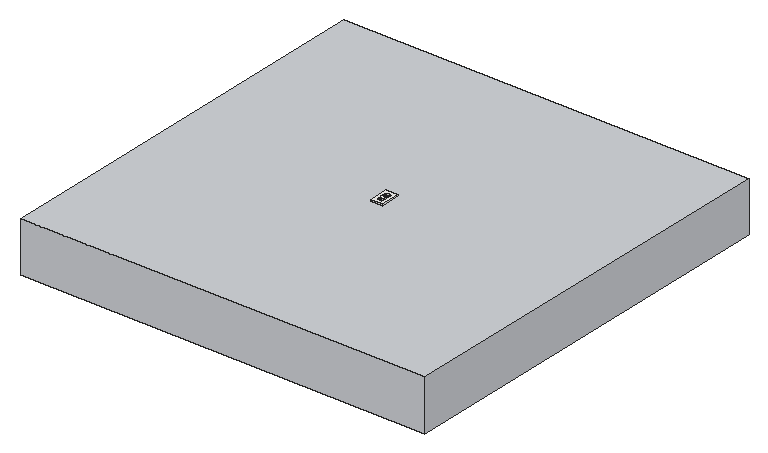
Revit family
Parameters (values of type "Standard")
  Wallstation Material = Plastic - Lutron - White
  Version = 1
  URL = "http://www.lutron.com"
  Series = "seeTouch"
  Product URL = "http://www.lutron.com/PRODUCTS/COMPONENTS/SEETOUCHWALLSTATION/Pages/Overview.aspx"
  Overall Width = 0' - 2 3/4"
  Overall Height = 0' - 4 9/16"
  Overall Depth = 0' - 1 3/8"
  Model = "SQA-5RN-WH-E01"
  Manufacturer Complete Model Number [instance] = ""
  Manufacturer = "Lutron Electronics"  # constant formula
  Label = "SC"
  Description = "Low Voltage 5 Button Wallstation with Raise/Lower"
  Default Elevation = 4' - 0"
  Copyright = "© 2010 Lutron Electronics Co., Inc."  # constant formula
  CADworks URL = "http://www.CADworks.net"
  Assembly Code = "D5020120"
Reference planes (in)
  plane 1 "Center (Front/Back)": y = 0
  plane 2: z = 0
  plane 3 "Center (Left/Right)": x = 0
  plane 4: x = -1.375
  plane 5: x = 1.375
  plane 6: y = 2.28125
  plane 7: y = -2.28125
  plane 8: z = 0.3125
  plane 9: z = -1.0625
  plane 10: z = -0.75
  plane 11: z = 0.4925
  plane 12: z = 0.4025
  plane 13: z = 0.5825
Forms (in)
  Extrusion 1, solid
    sketch origin (0, 0, 0) x (1, 0, 0) y (0, 1, 0)
      loop
        line (-48, 48) -> (-48, -48) -> (48, -48) -> (48, 48) -> (-48, 48)
    from 0 to -12
  Extrusion 2, solid, material "Plastic - Lutron - White" <- "Wallstation Material"
    sketch origin (0, 0, 0) x (1, 0, 0) y (0, 1, 0)
      loop
        line (-1.375, 2.28125) -> (-1.375, -2.28125) -> (1.375, -2.28125) -> (1.375, 2.28125) -> (-1.375, 2.28125)
    from 0 to 0.3125
  Extrusion 3, solid, material "Plastic - Lutron - White" <- "Wallstation Material", detail levels fine
    sketch origin (0, 0, 0) x (1, 0, 0) y (0, 1, 0)
      loop
        arc (-0.68031, 1.37) -> (-0.80737, 1.31737) -> (-0.86, 1.19031) r 0.17969
        line (-0.86, 1.19031) -> (-0.86, -1.19031)
        arc (-0.86, -1.19031) -> (-0.80737, -1.31737) -> (-0.68031, -1.37) r 0.17969
        line (-0.68031, -1.37) -> (0.68031, -1.37)
        arc (0.68031, -1.37) -> (0.80737, -1.31737) -> (0.86, -1.19031) r 0.17969
        line (0.86, -1.19031) -> (0.86, 1.19031)
        arc (0.86, 1.19031) -> (0.80737, 1.31737) -> (0.68031, 1.37) r 0.17969
        line (0.68031, 1.37) -> (-0.68031, 1.37)
    from -0.75 to 0
  Extrusion 4, solid, material "Plastic - Lutron - White" <- "Wallstation Material", detail levels fine
    sketch origin (0, 0, 0) x (1, 0, 0) y (0, 1, 0)
      loop
        line (0.1, 1.2) -> (0.1, 0.41) -> (0.71, 0.41) -> (0.71, 1.2) -> (0.1, 1.2)
      loop
        line (-0.02, -0.47) -> (-0.02, -1.06) -> (0.61, -1.06) -> (0.61, -0.47) -> (-0.02, -0.47)
    from -1.0625 to -0.75
  Extrusion 5, void
    sketch origin (0, 0, 0) x (1, 0, 0) y (0, 1, 0)
      loop
        line (-0.465, 1.19953) -> (-0.465, -0.51969) -> (0.465, -0.51969) -> (0.465, 1.19953) -> (-0.465, 1.19953)
      loop
        line (-0.465, -0.84047) -> (-0.465, -1.19969) -> (0.465, -1.19969) -> (0.465, -0.84047) -> (-0.465, -0.84047)
    from 0.25 to 0.3125
  Extrusion 6, void
    sketch origin (0, 0, 0) x (0, 1, 0) y (0, 0, 1)
      loop
        arc (-0.16984, 0.42038) -> (0, 0.4925) -> (0.16984, 0.42038) r 0.23605
        arc (0.16984, 0.42038) -> (0.33969, 0.4925) -> (0.50953, 0.42038) r 0.23605
        arc (0.50953, 0.42038) -> (0.67937, 0.4925) -> (0.84922, 0.42038) r 0.23605
        arc (0.84922, 0.42038) -> (1.01906, 0.4925) -> (1.18891, 0.42038) r 0.23605
        line (1.18891, 0.42038) -> (1.30406, 0.42038) -> (1.30406, 0.6175) -> (-1.30406, 0.6175) -> (-1.30406, 0.42038) -> (-1.18891, 0.42038)
        arc (-1.18891, 0.42038) -> (-1.01906, 0.4925) -> (-0.84922, 0.42038) r 0.23605
        arc (-0.84922, 0.42038) -> (-0.67938, 0.4925) -> (-0.50953, 0.42038) r 0.23605
        arc (-0.50953, 0.42038) -> (-0.33969, 0.4925) -> (-0.16984, 0.42038) r 0.23605
    from -1.375 to 1.375
  Extrusion 7, void
    sketch origin (0, 0, 0) x (1, 0, 0) y (0, 1, 0)
      loop
        circle (-0.34, 0) r 0.03125
      loop
        circle (-0.34, 0.34) r 0.03125
      loop
        circle (-0.34, 0.68) r 0.03125
      loop
        circle (-0.34, 1.02) r 0.03125
      loop
        circle (-0.34, -0.34) r 0.03125
    from 0.4025 to 0.5825
  Extrusion 8, solid, material "Plastic - Lutron - White" <- "Wallstation Material", detail levels medium+fine
    sketch origin (0, 0.34, 0) x (1, 0, 0) y (0, 1, 0)
      loop
        line (-0.44, -1.52) -> (-0.0125, -1.52) -> (-0.0125, -1.2) -> (-0.44, -1.2) -> (-0.44, -1.52)
      loop
        line (0.44, -1.2) -> (0.0125, -1.2) -> (0.0125, -1.52) -> (0.44, -1.52) -> (0.44, -1.2)
      loop
        line (-0.44, 0.84) -> (-0.44, 0.52) -> (0.44, 0.52) -> (0.44, 0.84) -> (-0.44, 0.84)
      loop
        line (0.44, 0.5) -> (-0.44, 0.5) -> (-0.44, 0.18) -> (0.44, 0.18) -> (0.44, 0.5)
      loop
        line (0.44, 0.16) -> (-0.44, 0.16) -> (-0.44, -0.16) -> (0.44, -0.16) -> (0.44, 0.16)
      loop
        line (-0.44, -0.18) -> (-0.44, -0.5) -> (0.44, -0.5) -> (0.44, -0.18) -> (-0.44, -0.18)
      loop
        line (0.44, -0.52) -> (-0.44, -0.52) -> (-0.44, -0.84) -> (0.44, -0.84) -> (0.44, -0.52)
    from 0.25 to 0.4925
Cuts and joins
  Extrusion 5 cuts Extrusion 2
  Extrusion 5 cuts Extrusion 3
  Extrusion 6, Extrusion 7 cuts Extrusion 8
Lines and regions (in)
  symbolic lines, detail levels fine
    curve 1: line (-1.375, 0, 0.3125) -> (1.375, 0, 0.3125)
    curve 2: line (-1.375, 0, 0) -> (-1.375, 0, 0.3125)
    curve 3: line (1.375, 0, 0.3125) -> (1.375, 0, 0)
    curve 4: line (-0.44, 0, 0.4925) -> (0.44, 0, 0.4925)
    curve 5: line (-0.44, 0, 0.3125) -> (-0.44, 0, 0.4925)
    curve 6: line (0.44, 0, 0.4925) -> (0.44, 0, 0.3125)
    curve 7: line (-1.375, 0, 0) -> (1.375, 0, 0)
Dimensions and locks (in)
  equal spacing: plane 4, plane 3 "Center (Left/Right)", plane 5
  "Overall Width": plane 4 to plane 5
  equal spacing: plane 7, plane 1 "Center (Front/Back)", plane 6
  "Overall Height": plane 6 to plane 7
  locked: plane 8 to plane 2 at 0.3125
  "Overall Depth": plane 8 to plane 9
  locked: plane 2 to plane 10 at 0.75
  locked: Extrusion 3 sketch curve to Extrusion 3 sketch curve at 1.72
  equal spacing: Extrusion 3 sketch curve, plane 3 "Center (Left/Right)", Extrusion 3 sketch curve
  locked: Extrusion 3 sketch curve to Extrusion 3 sketch curve at 2.74
  equal spacing: Extrusion 3 sketch curve, plane 1 "Center (Front/Back)", Extrusion 3 sketch curve
  locked: plane 1 "Center (Front/Back)" to Extrusion 4 sketch curve at 0.41
  locked: Extrusion 4 sketch curve to Extrusion 4 sketch curve at 0.79
  locked: Extrusion 4 sketch curve to plane 1 "Center (Front/Back)" at 0.47
  locked: Extrusion 4 sketch curve to Extrusion 4 sketch curve at 0.59
  locked: plane 3 "Center (Left/Right)" to Extrusion 4 sketch curve at 0.61
  locked: Extrusion 4 sketch curve to Extrusion 4 sketch curve at 0.63
  locked: plane 3 "Center (Left/Right)" to Extrusion 4 sketch curve at 0.71
  locked: Extrusion 4 sketch curve to Extrusion 4 sketch curve at 0.61
  locked: Extrusion 5 sketch curve to Extrusion 5 sketch curve at 0.93
  equal spacing: Extrusion 5 sketch curve, plane 3 "Center (Left/Right)", Extrusion 5 sketch curve, locked at 0.465 each
  locked: cut or joined group of Extrusion 2, Extrusion 5 to plane 9 at 1.3125
  locked: plane 11 to plane 8 at 0.18
  locked: plane 1 "Center (Front/Back)" to Extrusion 6 sketch curve at 0
  locked: Extrusion 6 sketch curve to plane 9 at 1.68
  locked: Extrusion 6 sketch curve to Extrusion 6 sketch curve at 2.60812
  equal spacing: Extrusion 6 sketch curve, plane 1 "Center (Front/Back)", Extrusion 6 sketch curve
  locked: Extrusion 6 sketch curve to plane 9 at 1.48288
  equal spacing: Extrusion 6 sketch curve, Extrusion 6 sketch curve, Extrusion 6 sketch curve, Extrusion 6 sketch curve, Extrusion 6 sketch curve, Extrusion 6 sketch curve, Extrusion 6 sketch curve, Extrusion 6 sketch curve
  plane 11 to Extrusion 6 sketch curve to Extrusion 6 sketch curve to Extrusion 6 sketch curve to Extrusion 6 sketch curve to Extrusion 6 sketch curve to Extrusion 6 sketch curve to Extrusion 6 sketch curve = 0' - 0" locked, 0' - 0" locked, 0' - 0" locked, 0' - 0" locked, 0' - 0" locked, 0' - 0" locked, 0' - 0" locked
  Extrusion 7 to plane 9 = 0' - 1.645"
  locked: Extrusion 8 sketch curve to Extrusion 8 sketch curve at 0.025
  equal spacing: Extrusion 8 sketch curve, plane 3 "Center (Left/Right)", Extrusion 8 sketch curve
  equal spacing: plane 13, plane 11, plane 12
  locked: plane 13 to plane 12 at 0.18
  locked: plane 1 "Center (Front/Back)" to Extrusion 7 sketch curve at 0
  plane 13 to plane 11 = 0' - 0.09"
  plane 7 to Extrusion 5 sketch curve to Extrusion 5 sketch curve = 0' - 1.76156" locked, 0' - 1.71922" locked
  plane 6 to Extrusion 5 sketch curve to Extrusion 5 sketch curve = 0' - 3.12172" locked, 0' - 0.35922" locked
  equal spacing: Extrusion 8 sketch curve, plane 3 "Center (Left/Right)", Extrusion 8 sketch curve, locked at 0.44 each
  locked: Extrusion 8 sketch curve to Extrusion 8 sketch curve at 0.88
  plane 6 to Extrusion 8 sketch curve to Extrusion 8 sketch curve to Extrusion 8 sketch curve to Extrusion 8 sketch curve = 0' - 2.46125" locked, 0' - 0.32" locked, 0' - 0.36" locked, 0' - 0.32" locked
  plane 7 to Extrusion 8 sketch curve to Extrusion 8 sketch curve to Extrusion 8 sketch curve to Extrusion 8 sketch curve to Extrusion 8 sketch curve to Extrusion 8 sketch curve to Extrusion 8 sketch curve to Extrusion 8 sketch curve = 0' - 2.12125" locked, 0' - 0.32" locked, 0' - 0.02" locked, 0' - 0.32" locked, 0' - 0.02" locked, 0' - 0.32" locked, 0' - 0.02" locked, 0' - 0.32" locked
  plane 7 to Extrusion 7 sketch curve to Extrusion 7 sketch curve to Extrusion 7 sketch curve = 0' - 2.62125" locked, 0' - 0.34" locked, 0' - 0.34" locked
  Extrusion 7 sketch curve to Extrusion 7 sketch curve to Extrusion 7 sketch curve to Extrusion 7 sketch curve to plane 5 = 0' - 0" locked, 0' - 0" locked, 0' - 0" locked, 0' - 1.715" locked
  locked: plane 6 to Extrusion 7 sketch curve at 2.62125
  locked: Extrusion 7 sketch curve to plane 5 at 1.715
  radius of Extrusion 3 sketch curve = 0' - 0 23/128"  (x4)
  radius of Extrusion 7 sketch curve = 0' - 0 1/32"  (x5)
  aligned and locked: plane 2 to Extrusion 1
  aligned and locked: level to Extrusion 1
  aligned and locked: Extrusion 2 sketch curve to plane 6
  aligned and locked: plane 4 to Extrusion 2 sketch curve
  aligned and locked: Extrusion 2 sketch curve to plane 7
  aligned and locked: Extrusion 2 sketch curve to plane 5
  aligned and locked: Extrusion 2 to plane 2
  aligned and locked: plane 8 to Extrusion 2
  aligned and locked: Extrusion 3 to plane 10
  aligned and locked: plane 2 to Extrusion 3
  aligned and locked: Extrusion 4 to plane 9
  aligned and locked: plane 10 to Extrusion 4
  aligned and locked: plane 8 to cut or joined group of Extrusion 2, Extrusion 5
  aligned and locked: Extrusion 6 sketch curve to Extrusion 6 sketch curve
  aligned: Extrusion 7 to plane 8
  aligned and locked: plane 4 to curve 2
  aligned and locked: curve 1 to plane 8
  aligned and locked: curve 3 to plane 5
  aligned and locked: curve 4 to plane 11
  aligned and locked: plane 1 "Center (Front/Back)" to nested 1
  aligned and locked: plane 3 "Center (Left/Right)" to nested 1
  aligned and locked: Extrusion 8 sketch curve to Extrusion 8 sketch curve  (x12)
  aligned: cut or joined group of Extrusion 2, Extrusion 5 to Extrusion 8
  aligned and locked: plane 11 to Extrusion 8
  aligned: cut or joined group of Extrusion 2, Extrusion 5 to cut or joined group of Extrusion 2, Extrusion 5
  aligned: plane 8 to cut or joined group of Extrusion 2, Extrusion 5
  aligned and locked: Extrusion 7 to plane 13
  aligned and locked: Extrusion 7 to plane 12
  aligned and locked: Extrusion 5 sketch curve to Extrusion 5 sketch curve  (x2)
  aligned and locked: cut or joined group of Extrusion 2, Extrusion 5 to cut or joined group of Extrusion 6, Extrusion 7, Extrusion 8
  aligned and locked: plane 5 to Extrusion 6
  aligned and locked: Extrusion 6 to plane 4
  aligned and locked: curve 5 to cut or joined group of Extrusion 6, Extrusion 7, Extrusion 8
  aligned and locked: curve 6 to cut or joined group of Extrusion 6, Extrusion 7, Extrusion 8
  aligned and locked: curve 7 to plane 2
Automatic sketch dimensions
  Extrusion 1 sketch curve to Extrusion 1 sketch curve = 8' - 0"  (x2)
  Extrusion 6 sketch curve to Extrusion 6 sketch curve = 0' - 0.11516"
  Extrusion 6 sketch curve to plane 8 = 0' - 0.05605"  (x5)
  Extrusion 6 sketch curve to Extrusion 6 sketch curve = 0' - 0.16984"
Nested families (in)
  nested 1: "Switch Annotation" at (0, 0, 0), type "Switch Annotation", detail levels coarse+medium
Connectors (in)
  electrical at (0, 1.37, -0.375)
    settings: on cut or joined group of Extrusion 3, Extrusion 5, index 1, voltage 0 V, apparent load 0 VA, apparent load phase1 0 VA, apparent load phase2 0 VA, apparent load phase3 0 VA, power factor 1, load classification "Other", number of poles 1, system type 13, power factor state 1, is connector primary yes, connector utility no, sub classification motor no, connector description "Control Connection"
Definition of nested family "Switch Annotation"
  Parameters (values of type "Switch Annotation")
    Label = "LC"
  Reference planes (in)
    plane 1: y = 0
    plane 2: x = 0
  Lines and regions (in)
    detail lines
      curve 1: line (0, 0.125, 0) -> (0, 0, 0)
      curve 3: arc (0.01506, 0.11153, 0) -> (-0.02442, 0.09683, 0) -> (0, 0.0625, 0) r 0.02655
      curve 4: arc (0, 0.0625, 0) -> (0.01543, 0.02147, 0) -> (-0.02827, 0.02483, 0) r 0.02599
    reference lines
      curve 2: line (0, 0.0625, 0) -> (-0.11983, 0.0625, 0)
      curve 5: line (0.10095, -0.04722, 0) -> (0.10095, 0.09386, 0)
      curve 6: line (0.10095, -0.04722, 0) -> (0.28349, -0.04722, 0)
      curve 7: line (0.10095, 0.04579, 0) -> (0.31014, 0.04579, 0)
  Text (in)
    label "2" at (0.1048, 0.12997, 0), shows "Label"
  Dimensions and locks (in)
    locked: curve 6 to curve 7 at 0.09301
    locked: curve 1 to curve 5 at 0.10095
    locked: curve 1 to curve 1 at 0.125
    locked: plane 1 to curve 2 at 0.0625
    aligned and locked: curve 1 to curve 2
    aligned and locked: curve 3 to curve 2
    aligned and locked: curve 4 to curve 2
    aligned and locked: plane 1 to curve 1
    aligned and locked: curve 1 to plane 2
    aligned and locked: plane 2 to curve 1
